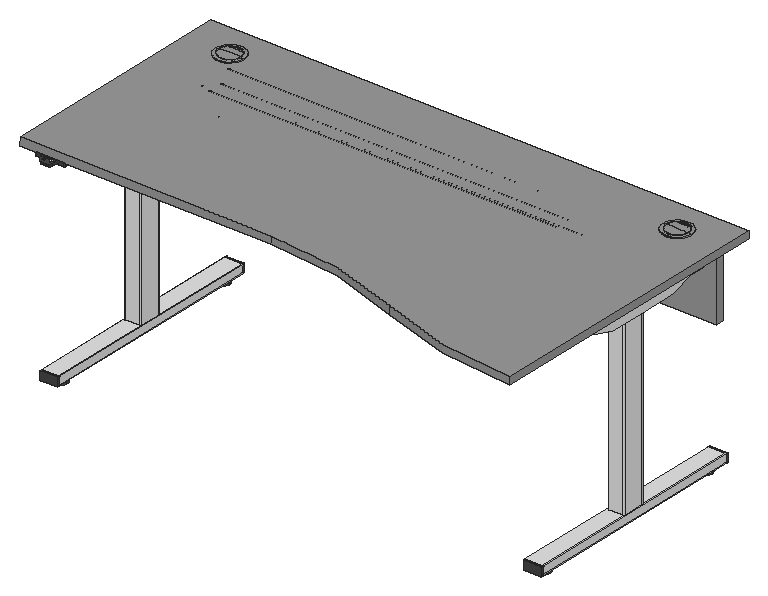
Revit family "Wave Desk with Cable Ports - RH", category Furniture, Revit 2016
Family settings
  OmniClass Number = 23.40.20.00
  OmniClass Title = General Furniture and Specialties
  Work Plane-Based = No
  Always vertical = Yes
  Cut with Voids When Loaded = No
  Shared = No
  Room Calculation Point = No
Parameters (values of type "1800 x 800 x 1000 with Modesty Panel & Cable Tray")
  Width = 1800 mm
  URL = "www.gof.co.uk"
  Type Comments = ""
  Range = "RISE LT"
  Product Code = "HDLWR18P"
  Modesty Panel Visible = yes
  Modesty Panel = "BTCPW18"
  HeightControl [instance] = if(Height < 720 mm, 720 mm, (if(Height > 1200 mm, 1200 mm, Height)))  # 727 mm
  Height [instance] = 727 mm
  Desktop = Gresham - Midnight Ash
  Model = ""
  Manufacturer = "Gresham Office Furniture"  # constant formula
  Frame = Gresham - Silver Metal
  Foot = Gresham - Black Plastic
  Cable Tray Visible = yes
  Cable Tray = "MECT18"
  Assembly Code = "E2020200"
Reference planes
  plane 1 "Center (Front/Back)": y = 0
  plane 2: z = 0
  plane 3 "Center (Left/Right)": x = 0
  plane 4: x = -900
  plane 5: x = 900
  plane 6 "Desktop Underside": z = 702
  plane 7: y = 400
  plane 8: y = -600
  plane 9 "Foot": z = 15
  plane 10: z = 727
  plane 11: x = 595.86
  plane 12: x = -595.86
  plane 13: y = -400
  plane 14: x = -850
  plane 15: x = 420
  plane 16: x = -60
Forms (mm)
  Extrusion 1, solid
    sketch origin (4.14, -302, 0) x (0, 1, 0) y (0, 0, 1)
      loop
        arc (344.5, 657) -> (346.621, 657.879) -> (347.5, 660) r 3
        line (347.5, 660) -> (347.5, 699)
        arc (347.5, 699) -> (346.621, 701.121) -> (344.5, 702) r 3
        line (344.5, 702) -> (307, 702) -> (307, 700) -> (344.5, 700)
        arc (344.5, 700) -> (345.207, 699.707) -> (345.5, 699) r 1
        line (345.5, 699) -> (345.5, 660)
        arc (345.5, 660) -> (345.207, 659.293) -> (344.5, 659) r 1
        line (344.5, 659) -> (310, 659)
        arc (310, 659) -> (309.293, 659.293) -> (309, 660) r 1
        line (309, 660) -> (309, 667) -> (307, 667) -> (307, 660)
        arc (307, 660) -> (307.879, 657.879) -> (310, 657) r 3
        line (310, 657) -> (344.5, 657)
    from -600 to 591.72
  Extrusion 2, solid, material "Gresham - Midnight Ash" <- "Desktop"
    sketch origin (0, 0, 702) x (1, 0, 0) y (0, 1, 0)
      loop
        line (-900, -400) -> (-60, -400)
        arc (-60, -400) -> (185.162, -425.223) -> (420, -500) r 1200
        arc (420, -500) -> (654.838, -574.777) -> (900, -600) r 1200
        line (900, -600) -> (900, 400) -> (-900, 400) -> (-900, -400)
    from 0 to 25
Dimensions and locks
  equal spacing: plane 4, plane 3 "Center (Left/Right)", plane 5
  "Width": plane 4 to plane 5
  locked: plane 7 to plane 8 at 1000
  locked: plane 2 to plane 9 "Foot" at 15
  "HeightControl": plane 10 to level
  plane 10 to plane 6 "Desktop Underside" = 25 mm
  locked: nested 1 to plane 5 at 60
  locked: plane 7 to nested 1 at 12
  locked: nested 2 to plane 4 at 60
  locked: Extrusion 1 sketch curve to Extrusion 1 sketch curve at 41
  locked: plane 7 to nested 2 at 12
  locked: plane 11 to plane 5 at 304.14
  locked: plane 4 to plane 12 at 304.14
  locked: plane 7 to plane 13 at 800
  equal spacing: plane 7, plane 1 "Center (Front/Back)", plane 13
  locked: nested 4 to plane 5 at 150
  locked: plane 7 to nested 4 at 110
  locked: plane 4 to nested 5 at 150
  locked: plane 7 to nested 5 at 110
  locked: plane 4 to plane 14 at 50
  locked: plane 5 to plane 15 at 480
  locked: plane 15 to plane 16 at 480
  locked: plane 4 to nested 6 at 87
  locked: plane 4 to nested 7 at 100
  locked: plane 6 "Desktop Underside" to nested 7 at 61.5
  locked: plane 7 to nested 7 at 53.5
  radius of Extrusion 2 sketch curve = 1200 mm  (x2)
  aligned and locked: level to plane 2
  aligned and locked: plane 11 to Extrusion 1
  aligned and locked: plane 12 to Extrusion 1
  aligned and locked: plane 6 "Desktop Underside" to nested 3
  aligned and locked: nested 3 to plane 13
  aligned and locked: plane 10 to nested 4
  aligned and locked: nested 5 to plane 10
  aligned and locked: nested 3 to plane 14
  aligned and locked: plane 6 "Desktop Underside" to nested 6
Automatic sketch dimensions
  Extrusion 1 sketch curve to Extrusion 1 sketch curve = 0 mm  (x6)
  Extrusion 1 sketch curve to plane 6 "Desktop Underside" = 0 mm
  Extrusion 1 sketch curve to plane 1 "Center (Front/Back)" = 5 mm  (x2)
  Extrusion 1 sketch curve to plane 6 "Desktop Underside" = 2 mm
  Extrusion 1 sketch curve to Extrusion 1 sketch curve = 1 mm  (x2)
  Extrusion 1 sketch curve to Extrusion 1 sketch curve = 37.5 mm
  Extrusion 1 sketch curve to Extrusion 1 sketch curve = 34.5 mm
  Extrusion 1 sketch curve to Extrusion 1 sketch curve = 7 mm
  Extrusion 2 sketch curve to plane 4 = 0 mm
  Extrusion 2 sketch curve to plane 13 = 0 mm
  Extrusion 2 sketch curve to plane 16 = 0 mm
  Extrusion 2 sketch curve to plane 15 = 0 mm  (x2)
  Extrusion 2 sketch curve to plane 5 = 0 mm
  Extrusion 2 sketch curve to plane 7 = 0 mm
  Extrusion 2 sketch curve to plane 8 = 0 mm
Nested families
  nested 1: "Rise LT Leg" at (5, -202, 0), Height <- "HeightControl", type "Rise LT Leg"
    with HeightControl 727 mm, Height 727 mm
  nested 2: "Rise LT Leg" at (-5, -202, 0) x (-1, 0, 0) z (0, 0, 1), Height <- "HeightControl", type "Rise LT Leg"
    with HeightControl 727 mm, Height 727 mm
  nested 3: "Controls" at (-800, -367.5, 690), type "Controls"
  nested 4: "Cable Port" at (750, 290, 727), type "Round Port"
  nested 5: "Cable Port" at (-750, 290, 727) x (-1, 0, 0) z (0, 0, 1), type "Round Port"
  nested 6: "Modesty Panel" at (0, 0, 0), type "Modesty Panel"
    with HeightControl 727 mm, Height 727 mm
  nested 7: "Cable Tray" at (0, 0, 0), Height <- "Height", type "Cable Tray"
    with HeightControl 727 mm, Height 727 mm
Definition of nested family "Rise LT Leg"
  Parameters (values of type "Rise LT Leg")
    Width = 1800 mm
    URL = "www.gof.co.uk"
    Type Comments = ""
    Range = "RISE LT"
    Product Code = ""
    Model = ""
    Manufacturer = "Gresham Office Furniture"  # constant formula
    HeightControl [instance] = if(Height < 720 mm, 720 mm, (if(Height > 1200 mm, 1200 mm, Height)))  # 727 mm
    Height [instance] = 727 mm
    Frame = none
    Foot = none
    Bung = none
    Assembly Code = "E2020200"
  Reference planes
    plane 1 "Center (Front/Back)": y = 200
    plane 2: z = 0
    plane 3 "Center (Left/Right)": x = 0
    plane 4: x = -900
    plane 5: x = 900
    plane 6 "Desktop": z = 727
    plane 7: y = 600
    plane 8: y = -200
    plane 9 "Foot": z = 15
    plane 10 "Desktop Underside": z = 702
    plane 11 "Max Height": z = 1200
    plane 12 "Max Desktop Underside": z = 1175
  Forms (mm)
    Extrusion 1, solid, material <- "Frame"
      sketch origin (0, 0, 727) x (-1, 0, 0) y (0, -1, 0)
        loop
          line (-827.511, -240) -> (-782.511, -240)
          arc (-782.511, -240) -> (-778.976, -238.536) -> (-777.511, -235) r 5
          line (-777.511, -235) -> (-777.511, -165)
          arc (-777.511, -165) -> (-778.976, -161.464) -> (-782.511, -160) r 5
          line (-782.511, -160) -> (-827.511, -160)
          arc (-827.511, -160) -> (-831.047, -161.464) -> (-832.511, -165) r 5
          line (-832.511, -165) -> (-832.511, -235)
          arc (-832.511, -235) -> (-831.047, -238.536) -> (-827.511, -240) r 5
      from -682 to -82
    Extrusion 2, solid, material <- "Frame"
      sketch origin (0, 200, 0) x (1, 0, 0) y (0, 0, 1)
        loop
          line (833, 45) -> (777, 45)
          arc (777, 45) -> (775.586, 44.414) -> (775, 43) r 2
          line (775, 43) -> (775, 17)
          arc (775, 17) -> (775.586, 15.586) -> (777, 15) r 2
          line (777, 15) -> (833, 15)
          arc (833, 15) -> (834.414, 15.586) -> (835, 17) r 2
          line (835, 17) -> (835, 43)
          arc (835, 43) -> (834.414, 44.414) -> (833, 45) r 2
      from -385 to 385
    Extrusion 3, solid, material <- "Frame"
      sketch origin (0, 200, 70) x (1, 0, 0) y (0, 0, 1)
        loop
          line (842.511, 632) -> (590.86, 632) -> (590.86, 617)
          arc (590.86, 617) -> (599.647, 595.787) -> (620.86, 587) r 30
          line (620.86, 587) -> (842.511, 587) -> (842.511, 632)
      from -47.5 to 47.5
    Extrusion 4, solid, material <- "Frame"
      sketch origin (0, 200, 70) x (1, 0, 0) y (0, 0, 1)
        loop
          line (842.511, 632) -> (842.511, 622) -> (844.511, 622) -> (844.511, 630.159) -> (860.511, 630.159) -> (860.511, 579) -> (843.693, 579) -> (843.693, 582.43) -> (841.693, 582.43) -> (841.693, 577) -> (862.511, 577) -> (862.511, 632) -> (842.511, 632)
      from -275 to 275
    Extrusion 5, void
      sketch origin (870.011, 200, 1175) x (0, 0, 1) y (0, 1, 0)
        loop
          line (-528, 0) -> (-528, 125) -> (-483, 275) -> (-473, 275) -> (-473, 333.867) -> (-576.413, 333.867) -> (-576.413, 0) -> (-576.413, -333.867) -> (-473, -333.867) -> (-473, -275) -> (-483, -275) -> (-528, -125) -> (-528, 0)
      from -29.989 to 70.011
    Extrusion 6, solid, material <- "Frame"
      sketch origin (0, 0, 727) x (-1, 0, 0) y (0, -1, 0)
        loop
          line (-827.511, -238) -> (-782.511, -238)
          arc (-782.511, -238) -> (-780.39, -237.121) -> (-779.511, -235) r 3
          line (-779.511, -235) -> (-779.511, -165)
          arc (-779.511, -165) -> (-780.39, -162.879) -> (-782.511, -162) r 3
          line (-782.511, -162) -> (-827.511, -162)
          arc (-827.511, -162) -> (-829.633, -162.879) -> (-830.511, -165) r 3
          line (-830.511, -165) -> (-830.511, -235)
          arc (-830.511, -235) -> (-829.633, -237.121) -> (-827.511, -238) r 3
      from -82 to -70
    Revolve 7, solid, material <- "Foot"
      sketch origin (0, 540, 0) x (1, 0, 0) y (0, 0, 1)
        loop
          line (804.324, 0) -> (824.324, 0) -> (814.324, 15) -> (804.324, 15) -> (804.324, 0)
        axis (804.324, 15) -> (804.324, 0)
      angle from 0 to 360
    Revolve 8, solid, material <- "Foot"
      sketch origin (0, -140, 0) x (1, 0, 0) y (0, 0, -1)
        loop
          line (804.324, 0) -> (804.324, -15) -> (814.324, -15) -> (824.324, 0) -> (804.324, 0)
        axis (804.324, -15) -> (804.324, 0)
      angle from 0 to 360
    Extrusion 9, solid, material <- "Bung"
      sketch origin (0, 201.489, 0) x (1, 0, 0) y (0, 0, 1)
        loop
          line (833, 45) -> (777, 45)
          arc (777, 45) -> (775.586, 44.414) -> (775, 43) r 2
          line (775, 43) -> (775, 17)
          arc (775, 17) -> (775.586, 15.586) -> (777, 15) r 2
          line (777, 15) -> (833, 15)
          arc (833, 15) -> (834.414, 15.586) -> (835, 17) r 2
          line (835, 17) -> (835, 43)
          arc (835, 43) -> (834.414, 44.414) -> (833, 45) r 2
      from 386.489 to 391.489
    Extrusion 10, solid, material <- "Bung"
      sketch origin (0, 198.511, 0) x (1, 0, 0) y (0, 0, -1)
        loop
          arc (833, -45) -> (834.414, -44.414) -> (835, -43) r 2
          line (835, -43) -> (835, -17)
          arc (835, -17) -> (834.414, -15.586) -> (833, -15) r 2
          line (833, -15) -> (777, -15)
          arc (777, -15) -> (775.586, -15.586) -> (775, -17) r 2
          line (775, -17) -> (775, -43)
          arc (775, -43) -> (775.586, -44.414) -> (777, -45) r 2
          line (777, -45) -> (833, -45)
      from 386.489 to 391.489
  Cuts and joins
    Extrusion 5 cuts Extrusion 4
  Dimensions and locks
    equal spacing: plane 4, plane 3 "Center (Left/Right)", plane 5
    "Width": plane 4 to plane 5
    equal spacing: plane 7, plane 1 "Center (Front/Back)", plane 8
    locked: plane 7 to plane 8 at 800
    locked: plane 9 "Foot" to level at 15
    locked: plane 6 "Desktop" to plane 10 "Desktop Underside" at 25
    locked: plane 5 to Extrusion 2 at 65
    Extrusion 3 to Extrusion 3 = 95 mm
    plane 1 "Center (Front/Back)" to Extrusion 4 = 275 mm
    equal spacing: Extrusion 4, plane 1 "Center (Front/Back)", Extrusion 4
    plane 11 "Max Height" to level = 1200 mm
    locked: Extrusion 3 sketch curve to Extrusion 3 sketch curve at 45
    locked: Extrusion 5 sketch curve to Extrusion 5 sketch curve at 103.413
    "HeightControl": plane 6 "Desktop" to level
    locked: Extrusion 1 to level at 645
    locked: Extrusion 2 to Extrusion 2 at 30
    Extrusion 2 to Revolve 7 = 45 mm
    locked: Extrusion 9 to Extrusion 9 at 5
    locked: Extrusion 5 to plane 5 at 100
    locked: Extrusion 10 to Extrusion 10 at 5
    plane 9 "Foot" to level = 15 mm
    Revolve 8 to Extrusion 9 = 45 mm
    locked: Extrusion 3 to plane 5 at 309.14
    aligned and locked: level to plane 2
    aligned and locked: Extrusion 6 to Extrusion 3
    aligned and locked: Extrusion 6 to Extrusion 1
    aligned and locked: Extrusion 2 to plane 9 "Foot"
    aligned and locked: Extrusion 1 to Extrusion 2
    aligned and locked: Extrusion 2 to Extrusion 9
    aligned and locked: Extrusion 5 to plane 5
    aligned and locked: Extrusion 2 to Extrusion 10
  Automatic sketch dimensions
    plane 1 "Center (Front/Back)" to Extrusion 1 sketch curve = 35 mm
    plane 5 to Extrusion 1 sketch curve = 67.489 mm
    Extrusion 1 sketch curve to Extrusion 1 sketch curve = 5 mm  (x3)
    Extrusion 1 sketch curve to Extrusion 1 sketch curve = 45 mm  (x2)
    Extrusion 1 sketch curve to plane 1 "Center (Front/Back)" = 35 mm
    Extrusion 2 sketch curve to plane 9 "Foot" = 0 mm
    plane 9 "Foot" to Extrusion 2 sketch curve = 2 mm  (x2)
    plane 5 to Extrusion 2 sketch curve = 125 mm
    Extrusion 2 sketch curve to Extrusion 2 sketch curve = 2 mm
    Extrusion 2 sketch curve to Extrusion 2 sketch curve = 56 mm
    Extrusion 2 sketch curve to Extrusion 2 sketch curve = 0 mm
    Extrusion 2 sketch curve to Extrusion 2 sketch curve = 26 mm
    Extrusion 3 sketch curve to plane 10 "Desktop Underside" = 0 mm
    plane 3 "Center (Left/Right)" to Extrusion 3 sketch curve = 590.86 mm
    Extrusion 3 sketch curve to Extrusion 3 sketch curve = 30 mm
    plane 5 to Extrusion 3 sketch curve = 57.489 mm
    Extrusion 4 sketch curve to plane 10 "Desktop Underside" = 0 mm
    plane 5 to Extrusion 4 sketch curve = 58.307 mm
    Extrusion 4 sketch curve to plane 10 "Desktop Underside" = 10 mm
    Extrusion 4 sketch curve to Extrusion 4 sketch curve = 0.819 mm
    Extrusion 4 sketch curve to Extrusion 4 sketch curve = 2 mm  (x4)
    Extrusion 4 sketch curve to plane 10 "Desktop Underside" = 1.841 mm
    Extrusion 4 sketch curve to Extrusion 4 sketch curve = 16 mm
    Extrusion 4 sketch curve to Extrusion 4 sketch curve = 39.57 mm
    Extrusion 4 sketch curve to Extrusion 4 sketch curve = 3.43 mm
    Extrusion 5 sketch curve to plane 1 "Center (Front/Back)" = 0 mm  (x2)
    Extrusion 5 sketch curve to plane 10 "Desktop Underside" = 0 mm  (x2)
    Extrusion 5 sketch curve to plane 10 "Desktop Underside" = 55 mm
    Extrusion 5 sketch curve to plane 10 "Desktop Underside" = 10 mm  (x2)
    Extrusion 5 sketch curve to Extrusion 5 sketch curve = 125 mm
    plane 8 to Extrusion 5 sketch curve = 125 mm
    Extrusion 5 sketch curve to Extrusion 5 sketch curve = 58.867 mm
    Extrusion 5 sketch curve to plane 1 "Center (Front/Back)" = 125 mm
    Extrusion 5 sketch curve to plane 7 = 125 mm
    Extrusion 5 sketch curve to plane 7 = 66.133 mm
    plane 1 "Center (Front/Back)" to Extrusion 6 sketch curve = 35 mm
    plane 5 to Extrusion 6 sketch curve = 69.489 mm
    Extrusion 6 sketch curve to Extrusion 6 sketch curve = 3 mm  (x3)
    Extrusion 6 sketch curve to Extrusion 6 sketch curve = 45 mm  (x2)
    Extrusion 6 sketch curve to plane 1 "Center (Front/Back)" = 35 mm
    Revolve 7 sketch curve to level = 0 mm
    Revolve 7 sketch curve to plane 9 "Foot" = 0 mm  (x2)
    plane 5 to Revolve 7 sketch curve = 95.676 mm
    Revolve 7 sketch curve to Revolve 7 sketch curve = 10 mm  (x2)
    Revolve 7 sketch curve to Revolve 7 sketch curve = 0 mm
    Revolve 7 sketch curve to Revolve 7 sketch curve = 11.548 mm
    Revolve 8 sketch curve to level = 0 mm
    Revolve 8 sketch curve to plane 9 "Foot" = 0 mm  (x2)
    plane 5 to Revolve 8 sketch curve = 95.676 mm
    Revolve 8 sketch curve to Revolve 8 sketch curve = 10 mm  (x2)
    Revolve 8 sketch curve to Revolve 8 sketch curve = 0 mm
    Revolve 8 sketch curve to Revolve 8 sketch curve = 11.548 mm
    Extrusion 9 sketch curve to plane 9 "Foot" = 0 mm
    plane 9 "Foot" to Extrusion 9 sketch curve = 28 mm
    plane 5 to Extrusion 9 sketch curve = 125 mm
    Extrusion 9 sketch curve to Extrusion 9 sketch curve = 2 mm  (x3)
    Extrusion 9 sketch curve to Extrusion 9 sketch curve = 56 mm
    Extrusion 9 sketch curve to Extrusion 9 sketch curve = 0 mm
    Extrusion 10 sketch curve to plane 9 "Foot" = 0 mm
    plane 9 "Foot" to Extrusion 10 sketch curve = 28 mm
    plane 5 to Extrusion 10 sketch curve = 125 mm
    Extrusion 10 sketch curve to Extrusion 10 sketch curve = 2 mm  (x3)
    Extrusion 10 sketch curve to Extrusion 10 sketch curve = 56 mm
    Extrusion 10 sketch curve to Extrusion 10 sketch curve = 0 mm
Definition of nested family "Controls"
  Parameters (values of type "Controls")
    URL = "www.gof.co.uk"
    Rubber Keys = none
    Range = "RANGE LT"
    Product Code = "Controls"
    Plastic Case = none
    Manufacturer = "Gresham Office Furniture"  # constant formula
  Reference planes
    plane 1 "Center (Front/Back)": y = 0
    plane 2: z = 0
    plane 3 "Center (Left/Right)": x = 0
  Forms (mm)
    Extrusion 1, solid, material <- "Plastic Case"
      sketch origin (0, 0, 0) x (1, 0, 0) y (0, 1, 0)
        loop
          arc (-45, 32.5) -> (-48.536, 31.036) -> (-50, 27.5) r 5
          line (-50, 27.5) -> (-50, -27.5)
          arc (-50, -27.5) -> (-48.536, -31.036) -> (-45, -32.5) r 5
          line (-45, -32.5) -> (45, -32.5)
          arc (45, -32.5) -> (48.536, -31.036) -> (50, -27.5) r 5
          line (50, -27.5) -> (50, 27.5)
          arc (50, 27.5) -> (48.536, 31.036) -> (45, 32.5) r 5
          line (45, 32.5) -> (-45, 32.5)
      from 0 to 12
    Sweep 2, solid, material <- "Plastic Case"
      path origin (0, 0, 2) x (0, 1, 0) y (0, 0, 1)
        loop
          line (-32.5, 6) -> (-36.392, 6)
          arc (-36.392, 6) -> (-37.474, 5.881) -> (-38.505, 5.532) r 5
          line (-38.505, 5.532) -> (-55.626, -2.452)
      profile origin (0, -34.446, 8) x (0, 0, -1) y (1, 0, 0)
        loop
          line (-4, 30) -> (-4, -30) -> (4, -30) -> (4, 30) -> (-4, 30)
    Extrusion 3, void
      sketch origin (-30, -40.195, 11.157) x (0, -0.906308, -0.422618) y (1, 0, 0)
        loop
          line (18.892, 75) -> (-7.33, 75) -> (-7.33, 60) -> (10.178, 50.091)
          arc (10.178, 50.091) -> (14.833, 46.912) -> (18.892, 43) r 33.579
          line (18.892, 43) -> (18.892, 75)
      from -13.674 to 7.77
    Extrusion 4, void
      sketch origin (30, -40.195, 11.157) x (0, -0.906308, -0.422618) y (1, 0, 0)
        loop
          line (18.892, -75) -> (18.892, -43)
          arc (18.892, -43) -> (14.833, -46.912) -> (10.178, -50.091) r 33.579
          line (10.178, -50.091) -> (-7.33, -60) -> (-7.33, -75) -> (18.892, -75)
      from -13.674 to 7.77
    Extrusion 5, solid, material <- "Rubber Keys"
      sketch origin (-30, -40.195, 11.157) x (0, -0.906308, -0.422618) y (1, 0, 0)
        loop
          line (0.281, 19.363) -> (8.531, 14.6) -> (8.531, 24.126) -> (0.281, 19.363)
        loop
          line (0.656, 35.874) -> (8.906, 40.637) -> (0.656, 45.4) -> (0.656, 35.874)
      from 0 to 1.5
  Cuts and joins
    Extrusion 3, Extrusion 4 cuts Sweep 2
  Dimensions and locks
    aligned and locked: level to plane 2
Definition of nested family "Cable Port"
  Parameters (values of type "Round Port")
    URL = "www.gof.co.uk"
    Range = "Round Cable Port"
    Product Code = "80mm Round Port"
    Round Cable Port = none
    Manufacturer = "Gresham Office Furniture"  # constant formula
  Reference planes
    plane 1 "Center (Front/Back)": y = 0
    plane 2: z = 0
    plane 3 "Center (Left/Right)": x = 0
  Forms (mm)
    Revolve 1, solid, material <- "Round Cable Port"
      sketch origin (0, 0, 0) x (1, 0, 0) y (0, 0, 1)
        loop
          line (0, 0) -> (47.5, 0) -> (47.5, 1)
          arc (47.5, 1) -> (42.507, 1.801) -> (37.5, 2.514) r 284.031
          line (37.5, 2.514) -> (37.5, 1.257) -> (36.5, 1.257) -> (36.5, 2.645)
          arc (36.5, 2.645) -> (18.288, 4.411) -> (0, 5) r 284.031
          line (0, 5) -> (0, 0)
        axis (0, 5) -> (0, 0)
      angle from 0 to 360
    Extrusion 2, void
      sketch origin (0, 0, 0) x (1, 0, 0) y (0, 1, 0)
        loop
          arc (-27.582, 25.406) -> (0, 21.5) -> (27.582, 25.406) r 99.34
          arc (27.582, 25.406) -> (0, 37.5) -> (-27.582, 25.406) r 37.5
      from -2.617 to 7.057
    Extrusion 3, solid, material <- "Round Cable Port"
      sketch origin (0, 0, 0) x (1, 0, 0) y (0, 1, 0)
        loop
          arc (27.582, 25.406) -> (0, 37.5) -> (-27.582, 25.406) r 37.5
          arc (-27.582, 25.406) -> (0, 21.5) -> (27.582, 25.406) r 99.34
      from 0 to 1
  Cuts and joins
    Extrusion 2 cuts Revolve 1
  Dimensions and locks
    aligned and locked: level to plane 2
Definition of nested family "Modesty Panel"
  Parameters (values of type "Modesty Panel")
    Width = 1800 mm
    URL = "www.gof.co.uk"
    Type Comments = ""
    Range = "RISE LT"
    Product Code = ""
    Modesty Panel Visible = yes
    Modesty Panel = none
    HeightControl [instance] = if(Height < 720 mm, 720 mm, (if(Height > 1200 mm, 1200 mm, Height)))  # 727 mm
    Height [instance] = 727 mm
    Desktop = none
    Model = ""
    Manufacturer = "Gresham Office Furniture"  # constant formula
    Frame = none
    Foot = none
    Assembly Code = "E2020200"
  Reference planes
    plane 1 "Center (Front/Back)": y = 0
    plane 2: z = 0
    plane 3 "Center (Left/Right)": x = 0
    plane 4: x = -900
    plane 5: x = 900
    plane 6 "Desktop Underside": z = 702
    plane 7: y = 400
    plane 8: y = -400
    plane 9 "Foot": z = 15
    plane 10: z = 727
    plane 11 "Modesty Panel": x = -593
    plane 12: x = 593
    plane 13: z = 425
    plane 14: z = 677
    plane 15: y = 375
    plane 16: x = 568
    plane 17: x = -568
    plane 18: x = -813
    plane 19: x = 813
  Forms (mm)
    Extrusion 1, solid, material <- "Frame", visible <- "Modesty Panel Visible"
      sketch origin (-593, 43.228, 0) x (0, 1, 0) y (0, 0, 1)
        loop
          line (161.772, 702) -> (161.772, 677) -> (306.772, 677) -> (306.772, 432) -> (331.772, 432) -> (331.772, 702) -> (161.772, 702)
      from 0 to 25
    Extrusion 2, solid, material <- "Frame", visible <- "Modesty Panel Visible"
      sketch origin (593, 43.228, 0) x (0, 1, 0) y (0, 0, -1)
        loop
          line (161.772, -702) -> (331.772, -702) -> (331.772, -432) -> (306.772, -432) -> (306.772, -677) -> (161.772, -677) -> (161.772, -702)
      from 0 to 25
    Extrusion 3, solid, material <- "Modesty Panel", visible <- "Modesty Panel Visible"
      sketch origin (0, 0, 0) x (0, 1, 0) y (0, 0, 1)
        loop
          line (375, 677) -> (375, 425) -> (400, 425) -> (400, 677) -> (375, 677)
      from -813 to 813
  Dimensions and locks
    equal spacing: plane 4, plane 3 "Center (Left/Right)", plane 5
    "Width": plane 4 to plane 5
    equal spacing: plane 7, plane 1 "Center (Front/Back)", plane 8
    locked: plane 7 to plane 8 at 800
    locked: plane 2 to plane 9 "Foot" at 15
    "HeightControl": plane 10 to level
    locked: plane 10 to plane 6 "Desktop Underside" at 25
    locked: Extrusion 1 sketch curve to Extrusion 1 sketch curve at 170
    locked: Extrusion 1 sketch curve to Extrusion 1 sketch curve at 25  (x2)
    locked: Extrusion 1 sketch curve to Extrusion 1 sketch curve at 270
    locked: Extrusion 1 to Extrusion 1 at 25
    locked: plane 7 to Extrusion 1 at 25
    locked: plane 11 "Modesty Panel" to plane 4 at 307
    locked: plane 12 to plane 5 at 307
    locked: Extrusion 2 sketch curve to Extrusion 2 sketch curve at 170
    locked: Extrusion 2 sketch curve to Extrusion 2 sketch curve at 25  (x2)
    locked: Extrusion 2 sketch curve to Extrusion 2 sketch curve at 270
    locked: Extrusion 2 to Extrusion 2 at 25
    locked: Extrusion 1 to plane 13 at 7
    locked: plane 6 "Desktop Underside" to plane 14 at 25
    locked: plane 7 to plane 15 at 25
    locked: plane 16 to plane 12 at 25
    locked: plane 17 to plane 11 "Modesty Panel" at 25
    locked: plane 13 to plane 14 at 252
    locked: plane 4 to plane 18 at 87
    locked: plane 19 to plane 5 at 87
    aligned and locked: level to plane 2
    aligned and locked: plane 6 "Desktop Underside" to Extrusion 1
    aligned and locked: Extrusion 1 to plane 11 "Modesty Panel"
    aligned and locked: Extrusion 2 to plane 12
    aligned and locked: Extrusion 3 to plane 14
    aligned and locked: Extrusion 3 to plane 13
    aligned and locked: Extrusion 3 to plane 18
    aligned and locked: Extrusion 3 to plane 19
  Automatic sketch dimensions
    Extrusion 1 sketch curve to plane 6 "Desktop Underside" = 0 mm
    Extrusion 1 sketch curve to plane 7 = 195 mm
    Extrusion 2 sketch curve to plane 6 "Desktop Underside" = 0 mm
    Extrusion 2 sketch curve to plane 7 = 195 mm
    Extrusion 3 sketch curve to plane 13 = 0 mm
    Extrusion 3 sketch curve to plane 15 = 0 mm
    Extrusion 3 sketch curve to plane 7 = 0 mm
    plane 14 to Extrusion 3 sketch curve = 0 mm
Definition of nested family "Cable Tray"
  Parameters (values of type "Cable Tray")
    Width = 1800 mm
    URL = "www.gof.co.uk"
    Type Comments = ""
    Range = "RISE LT"
    Product Code = ""
    Modesty Panel = none
    HeightControl [instance] = if(Height < 720 mm, 720 mm, (if(Height > 1200 mm, 1200 mm, Height)))  # 727 mm
    Height [instance] = 727 mm
    Desktop = none
    Model = ""
    Manufacturer = "Gresham Office Furniture"  # constant formula
    Frame = none
    Foot = none
    Cable Tray Clips = none
    Cable Tray = yes
    Assembly Code = "E2020200"
  Reference planes
    plane 1 "Center (Front/Back)": y = 0
    plane 2: z = 0
    plane 3 "Center (Left/Right)": x = 0
    plane 4: x = -900
    plane 5: x = 900
    plane 6 "Desktop Underside": z = 702
    plane 7: y = 400
    plane 8: y = -400
    plane 9 "Foot": z = 15
    plane 10: z = 727
    plane 11 "Cable Tray Left": x = -800
    plane 12 "Cable Tray Right": x = 800
  Forms (mm)
    Extrusion 1, solid, material <- "Frame", visible <- "Cable Tray"
      sketch origin (0, 12.089, -4.885) x (0, 1, 0) y (0, 0, 1)
        loop
          circle (301.911, 615.385) r 1.5
        loop
          circle (251.911, 615.385) r 1.5
        loop
          circle (220.911, 645.385) r 1.5
        loop
          circle (332.911, 645.385) r 1.5
      from -800 to 800
    Sweep 2, solid, material <- "Frame", visible <- "Cable Tray"
      path in 3D
        loop
          line (0, 341.76, 640.5) -> (0, 333.661, 615.573)
          arc (0, 333.661, 615.573) -> (0, 332.571, 614.073) -> (0, 330.808, 613.5) r 3
          line (0, 330.808, 613.5) -> (0, 247.192, 613.5)
          arc (0, 247.192, 613.5) -> (0, 245.429, 614.073) -> (0, 244.339, 615.573) r 3
          line (0, 244.339, 615.573) -> (0, 236.24, 640.5)
      profile origin (0, 289, 613.5) x (0, 0, 1) y (-1, 0, 0)
        loop
          circle (0, 0) r 1.5
    Sweep 3, solid, material <- "Frame", visible <- "Cable Tray", not visible
      path in 3D
        loop
          line (0, 329.671, 645.385) -> (0, 321.572, 620.458)
          arc (0, 321.572, 620.458) -> (0, 320.482, 618.958) -> (0, 318.719, 618.385) r 3
          line (0, 318.719, 618.385) -> (0, 235.103, 618.385)
          arc (0, 235.103, 618.385) -> (0, 233.34, 618.958) -> (0, 232.25, 620.458) r 3
          line (0, 232.25, 620.458) -> (0, 224.151, 645.385)
      profile origin (0, 276.911, 618.385) x (0, 0, 1) y (-1, 0, 0)
        loop
          circle (0, 0) r 1.5
    Sweep 4, solid, material <- "Frame", visible <- "Cable Tray"
      path in 3D
        loop
          line (800, 342.073, 640.5) -> (800, 333.974, 615.573)
          arc (800, 333.974, 615.573) -> (800, 332.884, 614.073) -> (800, 331.121, 613.5) r 3
          line (800, 331.121, 613.5) -> (800, 247.505, 613.5)
          arc (800, 247.505, 613.5) -> (800, 245.742, 614.073) -> (800, 244.652, 615.573) r 3
          line (800, 244.652, 615.573) -> (800, 236.553, 640.5)
      profile origin (800, 289.313, 613.5) x (0, 0, 1) y (-1, 0, 0)
        loop
          circle (0, 0) r 1.5
    Sweep 5, solid, material <- "Frame", visible <- "Cable Tray"
      path in 3D
        loop
          line (-800, 342.073, 640.5) -> (-800, 333.974, 615.573)
          arc (-800, 333.974, 615.573) -> (-800, 332.884, 614.073) -> (-800, 331.121, 613.5) r 3
          line (-800, 331.121, 613.5) -> (-800, 247.505, 613.5)
          arc (-800, 247.505, 613.5) -> (-800, 245.742, 614.073) -> (-800, 244.652, 615.573) r 3
          line (-800, 244.652, 615.573) -> (-800, 236.553, 640.5)
      profile origin (-800, 289.313, 613.5) x (0, 0, 1) y (-1, 0, 0)
        loop
          circle (0, 0) r 1.5
    Sweep 6, solid, material <- "Frame", visible <- "Cable Tray"
      path in 3D
        loop
          line (100, 341.76, 640.5) -> (100, 333.661, 615.573)
          arc (100, 333.661, 615.573) -> (100, 332.571, 614.073) -> (100, 330.808, 613.5) r 3
          line (100, 330.808, 613.5) -> (100, 247.192, 613.5)
          arc (100, 247.192, 613.5) -> (100, 245.429, 614.073) -> (100, 244.339, 615.573) r 3
          line (100, 244.339, 615.573) -> (100, 236.24, 640.5)
      profile origin (100, 289, 613.5) x (0, 0, 1) y (-1, 0, 0)
        loop
          circle (0, 0) r 1.5
    Sweep 7, solid, material <- "Frame", visible <- "Cable Tray"
      path in 3D
        loop
          line (300, 341.76, 640.5) -> (300, 333.661, 615.573)
          arc (300, 333.661, 615.573) -> (300, 332.571, 614.073) -> (300, 330.808, 613.5) r 3
          line (300, 330.808, 613.5) -> (300, 247.192, 613.5)
          arc (300, 247.192, 613.5) -> (300, 245.429, 614.073) -> (300, 244.339, 615.573) r 3
          line (300, 244.339, 615.573) -> (300, 236.24, 640.5)
      profile origin (300, 289, 613.5) x (0, 0, 1) y (-1, 0, 0)
        loop
          circle (0, 0) r 1.5
    Sweep 8, solid, material <- "Frame", visible <- "Cable Tray"
      path in 3D
        loop
          line (400, 341.76, 640.5) -> (400, 333.661, 615.573)
          arc (400, 333.661, 615.573) -> (400, 332.571, 614.073) -> (400, 330.808, 613.5) r 3
          line (400, 330.808, 613.5) -> (400, 247.192, 613.5)
          arc (400, 247.192, 613.5) -> (400, 245.429, 614.073) -> (400, 244.339, 615.573) r 3
          line (400, 244.339, 615.573) -> (400, 236.24, 640.5)
      profile origin (400, 289, 613.5) x (0, 0, 1) y (-1, 0, 0)
        loop
          circle (0, 0) r 1.5
    Sweep 9, solid, material <- "Frame", visible <- "Cable Tray"
      path in 3D
        loop
          line (500, 341.76, 640.5) -> (500, 333.661, 615.573)
          arc (500, 333.661, 615.573) -> (500, 332.571, 614.073) -> (500, 330.808, 613.5) r 3
          line (500, 330.808, 613.5) -> (500, 247.192, 613.5)
          arc (500, 247.192, 613.5) -> (500, 245.429, 614.073) -> (500, 244.339, 615.573) r 3
          line (500, 244.339, 615.573) -> (500, 236.24, 640.5)
      profile origin (500, 289, 613.5) x (0, 0, 1) y (-1, 0, 0)
        loop
          circle (0, 0) r 1.5
    Sweep 10, solid, material <- "Frame", visible <- "Cable Tray"
      path in 3D
        loop
          line (600, 341.76, 640.5) -> (600, 333.661, 615.573)
          arc (600, 333.661, 615.573) -> (600, 332.571, 614.073) -> (600, 330.808, 613.5) r 3
          line (600, 330.808, 613.5) -> (600, 247.192, 613.5)
          arc (600, 247.192, 613.5) -> (600, 245.429, 614.073) -> (600, 244.339, 615.573) r 3
          line (600, 244.339, 615.573) -> (600, 236.24, 640.5)
      profile origin (600, 289, 613.5) x (0, 0, 1) y (-1, 0, 0)
        loop
          circle (0, 0) r 1.5
    Sweep 11, solid, material <- "Frame", visible <- "Cable Tray"
      path in 3D
        loop
          line (700, 341.76, 640.5) -> (700, 333.661, 615.573)
          arc (700, 333.661, 615.573) -> (700, 332.571, 614.073) -> (700, 330.808, 613.5) r 3
          line (700, 330.808, 613.5) -> (700, 247.192, 613.5)
          arc (700, 247.192, 613.5) -> (700, 245.429, 614.073) -> (700, 244.339, 615.573) r 3
          line (700, 244.339, 615.573) -> (700, 236.24, 640.5)
      profile origin (700, 289, 613.5) x (0, 0, 1) y (-1, 0, 0)
        loop
          circle (0, 0) r 1.5
    Sweep 12, solid, material <- "Frame", visible <- "Cable Tray"
      path in 3D
        loop
          line (200, 341.76, 640.5) -> (200, 333.661, 615.573)
          arc (200, 333.661, 615.573) -> (200, 332.571, 614.073) -> (200, 330.808, 613.5) r 3
          line (200, 330.808, 613.5) -> (200, 247.192, 613.5)
          arc (200, 247.192, 613.5) -> (200, 245.429, 614.073) -> (200, 244.339, 615.573) r 3
          line (200, 244.339, 615.573) -> (200, 236.24, 640.5)
      profile origin (200, 289, 613.5) x (0, 0, 1) y (-1, 0, 0)
        loop
          circle (0, 0) r 1.5
    Sweep 13, solid, material <- "Frame", visible <- "Cable Tray"
      path in 3D
        loop
          line (-100, 341.76, 640.5) -> (-100, 333.661, 615.573)
          arc (-100, 333.661, 615.573) -> (-100, 332.571, 614.073) -> (-100, 330.808, 613.5) r 3
          line (-100, 330.808, 613.5) -> (-100, 247.192, 613.5)
          arc (-100, 247.192, 613.5) -> (-100, 245.429, 614.073) -> (-100, 244.339, 615.573) r 3
          line (-100, 244.339, 615.573) -> (-100, 236.24, 640.5)
      profile origin (-100, 289, 613.5) x (0, 0, 1) y (-1, 0, 0)
        loop
          circle (0, 0) r 1.5
    Sweep 14, solid, material <- "Frame", visible <- "Cable Tray"
      path in 3D
        loop
          line (-300, 341.76, 640.5) -> (-300, 333.661, 615.573)
          arc (-300, 333.661, 615.573) -> (-300, 332.571, 614.073) -> (-300, 330.808, 613.5) r 3
          line (-300, 330.808, 613.5) -> (-300, 247.192, 613.5)
          arc (-300, 247.192, 613.5) -> (-300, 245.429, 614.073) -> (-300, 244.339, 615.573) r 3
          line (-300, 244.339, 615.573) -> (-300, 236.24, 640.5)
      profile origin (-300, 289, 613.5) x (0, 0, 1) y (-1, 0, 0)
        loop
          circle (0, 0) r 1.5
    Sweep 15, solid, material <- "Frame", visible <- "Cable Tray"
      path in 3D
        loop
          line (-400, 341.76, 640.5) -> (-400, 333.661, 615.573)
          arc (-400, 333.661, 615.573) -> (-400, 332.571, 614.073) -> (-400, 330.808, 613.5) r 3
          line (-400, 330.808, 613.5) -> (-400, 247.192, 613.5)
          arc (-400, 247.192, 613.5) -> (-400, 245.429, 614.073) -> (-400, 244.339, 615.573) r 3
          line (-400, 244.339, 615.573) -> (-400, 236.24, 640.5)
      profile origin (-400, 289, 613.5) x (0, 0, 1) y (-1, 0, 0)
        loop
          circle (0, 0) r 1.5
    Sweep 16, solid, material <- "Frame", visible <- "Cable Tray"
      path in 3D
        loop
          line (-500, 341.76, 640.5) -> (-500, 333.661, 615.573)
          arc (-500, 333.661, 615.573) -> (-500, 332.571, 614.073) -> (-500, 330.808, 613.5) r 3
          line (-500, 330.808, 613.5) -> (-500, 247.192, 613.5)
          arc (-500, 247.192, 613.5) -> (-500, 245.429, 614.073) -> (-500, 244.339, 615.573) r 3
          line (-500, 244.339, 615.573) -> (-500, 236.24, 640.5)
      profile origin (-500, 289, 613.5) x (0, 0, 1) y (-1, 0, 0)
        loop
          circle (0, 0) r 1.5
    Sweep 17, solid, material <- "Frame", visible <- "Cable Tray"
      path in 3D
        loop
          line (-600, 341.76, 640.5) -> (-600, 333.661, 615.573)
          arc (-600, 333.661, 615.573) -> (-600, 332.571, 614.073) -> (-600, 330.808, 613.5) r 3
          line (-600, 330.808, 613.5) -> (-600, 247.192, 613.5)
          arc (-600, 247.192, 613.5) -> (-600, 245.429, 614.073) -> (-600, 244.339, 615.573) r 3
          line (-600, 244.339, 615.573) -> (-600, 236.24, 640.5)
      profile origin (-600, 289, 613.5) x (0, 0, 1) y (-1, 0, 0)
        loop
          circle (0, 0) r 1.5
    Sweep 18, solid, material <- "Frame", visible <- "Cable Tray"
      path in 3D
        loop
          line (-700, 341.76, 640.5) -> (-700, 333.661, 615.573)
          arc (-700, 333.661, 615.573) -> (-700, 332.571, 614.073) -> (-700, 330.808, 613.5) r 3
          line (-700, 330.808, 613.5) -> (-700, 247.192, 613.5)
          arc (-700, 247.192, 613.5) -> (-700, 245.429, 614.073) -> (-700, 244.339, 615.573) r 3
          line (-700, 244.339, 615.573) -> (-700, 236.24, 640.5)
      profile origin (-700, 289, 613.5) x (0, 0, 1) y (-1, 0, 0)
        loop
          circle (0, 0) r 1.5
    Sweep 19, solid, material <- "Frame", visible <- "Cable Tray"
      path in 3D
        loop
          line (-200, 341.76, 640.5) -> (-200, 333.661, 615.573)
          arc (-200, 333.661, 615.573) -> (-200, 332.571, 614.073) -> (-200, 330.808, 613.5) r 3
          line (-200, 330.808, 613.5) -> (-200, 247.192, 613.5)
          arc (-200, 247.192, 613.5) -> (-200, 245.429, 614.073) -> (-200, 244.339, 615.573) r 3
          line (-200, 244.339, 615.573) -> (-200, 236.24, 640.5)
      profile origin (-200, 289, 613.5) x (0, 0, 1) y (-1, 0, 0)
        loop
          circle (0, 0) r 1.5
    Extrusion 20, solid, material <- "Cable Tray Clips", visible <- "Cable Tray"
      sketch origin (615, 0, 0) x (0, 1, 0) y (0, 0, 1)
        loop
          arc (346.5, 640.5) -> (345, 639) -> (343.5, 640.5) r 1.5
          line (343.5, 640.5) -> (343.5, 645.926) -> (340.5, 645.926) -> (340.5, 640.5)
          arc (340.5, 640.5) -> (345, 636) -> (349.5, 640.5) r 4.5
          line (349.5, 640.5) -> (349.5, 677.5)
          arc (349.5, 677.5) -> (348.692, 680.415) -> (346.5, 682.5) r 5.667
          arc (346.5, 682.5) -> (322.774, 690.464) -> (297.984, 693.899) r 134.615
          line (297.984, 693.899) -> (297.984, 697) -> (303.984, 697) -> (303.984, 702) -> (279.984, 702) -> (279.984, 697) -> (285.984, 697) -> (285.984, 693.899)
          arc (285.984, 693.899) -> (261.193, 690.464) -> (237.467, 682.5) r 134.615
          arc (237.467, 682.5) -> (235.275, 680.415) -> (234.435, 677.5) r 5.667
          line (234.435, 677.5) -> (234.435, 670.5)
          arc (234.435, 670.5) -> (232.935, 669) -> (231.435, 670.5) r 1.5
          line (231.435, 670.5) -> (231.435, 675.5) -> (228.435, 675.5) -> (228.435, 670.5)
          arc (228.435, 670.5) -> (230.365, 666.806) -> (234.5, 666.281) r 4.5
          line (234.5, 666.281) -> (234.5, 640.5)
          arc (234.5, 640.5) -> (233, 639) -> (231.5, 640.5) r 1.5
          line (231.5, 640.5) -> (231.5, 645.5) -> (228.5, 645.5) -> (228.5, 640.5)
          arc (228.5, 640.5) -> (233, 636) -> (237.5, 640.5) r 4.5
          line (237.5, 640.5) -> (237.5, 677.793)
          arc (237.5, 677.793) -> (237.882, 679.174) -> (238.92, 680.161) r 2.683
          arc (238.92, 680.161) -> (291.984, 691.033) -> (345.047, 680.161) r 134.926
          arc (345.047, 680.161) -> (346.085, 679.174) -> (346.467, 677.793) r 2.683
          line (346.467, 677.793) -> (346.467, 670.5)
          arc (346.467, 670.5) -> (344.951, 668.984) -> (343.435, 670.5) r 1.516
          line (343.435, 670.5) -> (343.435, 675.5) -> (340.435, 675.5) -> (340.435, 670.5)
          arc (340.435, 670.5) -> (342.365, 666.806) -> (346.5, 666.281) r 4.5
          line (346.5, 666.281) -> (346.5, 640.5)
      from 0 to 25
    Extrusion 21, solid, material <- "Cable Tray Clips", visible <- "Cable Tray"
      sketch origin (-615, 0, 0) x (0, 1, 0) y (0, 0, -1)
        loop
          line (346.5, -640.5) -> (346.5, -666.281)
          arc (346.5, -666.281) -> (342.365, -666.806) -> (340.435, -670.5) r 4.5
          line (340.435, -670.5) -> (340.435, -675.5) -> (343.435, -675.5) -> (343.435, -670.5)
          arc (343.435, -670.5) -> (344.951, -668.984) -> (346.467, -670.5) r 1.516
          line (346.467, -670.5) -> (346.467, -677.793)
          arc (346.467, -677.793) -> (346.085, -679.174) -> (345.047, -680.161) r 2.683
          arc (345.047, -680.161) -> (291.984, -691.033) -> (238.92, -680.161) r 134.926
          arc (238.92, -680.161) -> (237.882, -679.174) -> (237.5, -677.793) r 2.683
          line (237.5, -677.793) -> (237.5, -640.5)
          arc (237.5, -640.5) -> (233, -636) -> (228.5, -640.5) r 4.5
          line (228.5, -640.5) -> (228.5, -645.5) -> (231.5, -645.5) -> (231.5, -640.5)
          arc (231.5, -640.5) -> (233, -639) -> (234.5, -640.5) r 1.5
          line (234.5, -640.5) -> (234.5, -666.281)
          arc (234.5, -666.281) -> (230.365, -666.806) -> (228.435, -670.5) r 4.5
          line (228.435, -670.5) -> (228.435, -675.5) -> (231.435, -675.5) -> (231.435, -670.5)
          arc (231.435, -670.5) -> (232.935, -669) -> (234.435, -670.5) r 1.5
          line (234.435, -670.5) -> (234.435, -677.5)
          arc (234.435, -677.5) -> (235.275, -680.415) -> (237.467, -682.5) r 5.667
          arc (237.467, -682.5) -> (261.193, -690.464) -> (285.984, -693.899) r 134.615
          line (285.984, -693.899) -> (285.984, -697) -> (279.984, -697) -> (279.984, -702) -> (303.984, -702) -> (303.984, -697) -> (297.984, -697) -> (297.984, -693.899)
          arc (297.984, -693.899) -> (322.774, -690.464) -> (346.5, -682.5) r 134.615
          arc (346.5, -682.5) -> (348.692, -680.415) -> (349.5, -677.5) r 5.667
          line (349.5, -677.5) -> (349.5, -640.5)
          arc (349.5, -640.5) -> (345, -636) -> (340.5, -640.5) r 4.5
          line (340.5, -640.5) -> (340.5, -645.926) -> (343.5, -645.926) -> (343.5, -640.5)
          arc (343.5, -640.5) -> (345, -639) -> (346.5, -640.5) r 1.5
      from 0 to 25
  Lines and regions (mm)
    model lines, not visible
      curve 1: arc (0, 315.5, 610.5) -> (0, 314, 612) -> (0, 312.5, 610.5) r 1.5
      curve 2: arc (0, 265.5, 610.5) -> (0, 264, 612) -> (0, 262.5, 610.5) r 1.5
      curve 3: line (0, 330.808, 613.5) -> (0, 247.192, 613.5)
      curve 4: line (0, 244.339, 615.573) -> (0, 236.24, 640.5)
      curve 5: arc (0, 247.192, 613.5) -> (0, 245.429, 614.073) -> (0, 244.339, 615.573) r 3
      curve 6: line (0, 333.661, 615.573) -> (0, 341.76, 640.5)
      curve 7: arc (0, 330.808, 613.5) -> (0, 332.571, 614.073) -> (0, 333.661, 615.573) r 3
      curve 13: arc (0, 303.411, 615.385) -> (0, 301.911, 616.885) -> (0, 300.411, 615.385) r 1.5
      curve 14: arc (0, 253.411, 615.385) -> (0, 251.911, 616.885) -> (0, 250.411, 615.385) r 1.5
      curve 15: line (0, 318.719, 618.385) -> (0, 235.103, 618.385)
      curve 16: line (0, 232.25, 620.458) -> (0, 224.151, 645.385)
      curve 17: arc (0, 235.103, 618.385) -> (0, 233.34, 618.958) -> (0, 232.25, 620.458) r 3
      curve 18: line (0, 321.572, 620.458) -> (0, 329.671, 645.385)
      curve 19: arc (0, 318.719, 618.385) -> (0, 320.482, 618.958) -> (0, 321.572, 620.458) r 3
      curve 25: arc (800, 315.813, 610.5) -> (800, 314.313, 612) -> (800, 312.813, 610.5) r 1.5
      curve 26: arc (800, 265.813, 610.5) -> (800, 264.313, 612) -> (800, 262.813, 610.5) r 1.5
      curve 27: line (800, 331.121, 613.5) -> (800, 247.505, 613.5)
      curve 28: line (800, 244.652, 615.573) -> (800, 236.553, 640.5)
      curve 29: arc (800, 247.505, 613.5) -> (800, 245.742, 614.073) -> (800, 244.652, 615.573) r 3
      curve 30: line (800, 333.974, 615.573) -> (800, 342.073, 640.5)
      curve 31: arc (800, 331.121, 613.5) -> (800, 332.884, 614.073) -> (800, 333.974, 615.573) r 3
      curve 37: arc (-800, 315.813, 610.5) -> (-800, 314.313, 612) -> (-800, 312.813, 610.5) r 1.5
      curve 38: arc (-800, 265.813, 610.5) -> (-800, 264.313, 612) -> (-800, 262.813, 610.5) r 1.5
      curve 39: line (-800, 331.121, 613.5) -> (-800, 247.505, 613.5)
      curve 40: line (-800, 244.652, 615.573) -> (-800, 236.553, 640.5)
      curve 41: arc (-800, 247.505, 613.5) -> (-800, 245.742, 614.073) -> (-800, 244.652, 615.573) r 3
      curve 42: line (-800, 333.974, 615.573) -> (-800, 342.073, 640.5)
      curve 43: arc (-800, 331.121, 613.5) -> (-800, 332.884, 614.073) -> (-800, 333.974, 615.573) r 3
      curve 49: arc (100, 315.5, 610.5) -> (100, 314, 612) -> (100, 312.5, 610.5) r 1.5
      curve 50: arc (100, 265.5, 610.5) -> (100, 264, 612) -> (100, 262.5, 610.5) r 1.5
      curve 51: line (100, 330.808, 613.5) -> (100, 247.192, 613.5)
      curve 52: line (100, 244.339, 615.573) -> (100, 236.24, 640.5)
      curve 53: arc (100, 247.192, 613.5) -> (100, 245.429, 614.073) -> (100, 244.339, 615.573) r 3
      curve 54: line (100, 333.661, 615.573) -> (100, 341.76, 640.5)
      curve 55: arc (100, 330.808, 613.5) -> (100, 332.571, 614.073) -> (100, 333.661, 615.573) r 3
      curve 61: arc (300, 315.5, 610.5) -> (300, 314, 612) -> (300, 312.5, 610.5) r 1.5
      curve 62: arc (300, 265.5, 610.5) -> (300, 264, 612) -> (300, 262.5, 610.5) r 1.5
      curve 63: line (300, 330.808, 613.5) -> (300, 247.192, 613.5)
      curve 64: line (300, 244.339, 615.573) -> (300, 236.24, 640.5)
      curve 65: arc (300, 247.192, 613.5) -> (300, 245.429, 614.073) -> (300, 244.339, 615.573) r 3
      curve 66: line (300, 333.661, 615.573) -> (300, 341.76, 640.5)
      curve 67: arc (300, 330.808, 613.5) -> (300, 332.571, 614.073) -> (300, 333.661, 615.573) r 3
      curve 73: arc (400, 315.5, 610.5) -> (400, 314, 612) -> (400, 312.5, 610.5) r 1.5
      curve 74: arc (400, 265.5, 610.5) -> (400, 264, 612) -> (400, 262.5, 610.5) r 1.5
      curve 75: line (400, 330.808, 613.5) -> (400, 247.192, 613.5)
      curve 76: line (400, 244.339, 615.573) -> (400, 236.24, 640.5)
      curve 77: arc (400, 247.192, 613.5) -> (400, 245.429, 614.073) -> (400, 244.339, 615.573) r 3
      curve 78: line (400, 333.661, 615.573) -> (400, 341.76, 640.5)
      curve 79: arc (400, 330.808, 613.5) -> (400, 332.571, 614.073) -> (400, 333.661, 615.573) r 3
      curve 85: arc (500, 315.5, 610.5) -> (500, 314, 612) -> (500, 312.5, 610.5) r 1.5
      curve 86: arc (500, 265.5, 610.5) -> (500, 264, 612) -> (500, 262.5, 610.5) r 1.5
      curve 87: line (500, 330.808, 613.5) -> (500, 247.192, 613.5)
      curve 88: line (500, 244.339, 615.573) -> (500, 236.24, 640.5)
      curve 89: arc (500, 247.192, 613.5) -> (500, 245.429, 614.073) -> (500, 244.339, 615.573) r 3
      curve 90: line (500, 333.661, 615.573) -> (500, 341.76, 640.5)
      curve 91: arc (500, 330.808, 613.5) -> (500, 332.571, 614.073) -> (500, 333.661, 615.573) r 3
      curve 97: arc (600, 315.5, 610.5) -> (600, 314, 612) -> (600, 312.5, 610.5) r 1.5
      curve 98: arc (600, 265.5, 610.5) -> (600, 264, 612) -> (600, 262.5, 610.5) r 1.5
      curve 99: line (600, 330.808, 613.5) -> (600, 247.192, 613.5)
      curve 100: line (600, 244.339, 615.573) -> (600, 236.24, 640.5)
      curve 101: arc (600, 247.192, 613.5) -> (600, 245.429, 614.073) -> (600, 244.339, 615.573) r 3
      curve 102: line (600, 333.661, 615.573) -> (600, 341.76, 640.5)
      curve 103: arc (600, 330.808, 613.5) -> (600, 332.571, 614.073) -> (600, 333.661, 615.573) r 3
      curve 109: arc (700, 315.5, 610.5) -> (700, 314, 612) -> (700, 312.5, 610.5) r 1.5
      curve 110: arc (700, 265.5, 610.5) -> (700, 264, 612) -> (700, 262.5, 610.5) r 1.5
      curve 111: line (700, 330.808, 613.5) -> (700, 247.192, 613.5)
      curve 112: line (700, 244.339, 615.573) -> (700, 236.24, 640.5)
      curve 113: arc (700, 247.192, 613.5) -> (700, 245.429, 614.073) -> (700, 244.339, 615.573) r 3
      curve 114: line (700, 333.661, 615.573) -> (700, 341.76, 640.5)
      curve 115: arc (700, 330.808, 613.5) -> (700, 332.571, 614.073) -> (700, 333.661, 615.573) r 3
      curve 121: arc (200, 315.5, 610.5) -> (200, 314, 612) -> (200, 312.5, 610.5) r 1.5
      curve 122: arc (200, 265.5, 610.5) -> (200, 264, 612) -> (200, 262.5, 610.5) r 1.5
      curve 123: line (200, 330.808, 613.5) -> (200, 247.192, 613.5)
      curve 124: line (200, 244.339, 615.573) -> (200, 236.24, 640.5)
      curve 125: arc (200, 247.192, 613.5) -> (200, 245.429, 614.073) -> (200, 244.339, 615.573) r 3
      curve 126: line (200, 333.661, 615.573) -> (200, 341.76, 640.5)
      curve 127: arc (200, 330.808, 613.5) -> (200, 332.571, 614.073) -> (200, 333.661, 615.573) r 3
      curve 133: arc (-100, 315.5, 610.5) -> (-100, 314, 612) -> (-100, 312.5, 610.5) r 1.5
      curve 134: arc (-100, 265.5, 610.5) -> (-100, 264, 612) -> (-100, 262.5, 610.5) r 1.5
      curve 135: line (-100, 330.808, 613.5) -> (-100, 247.192, 613.5)
      curve 136: line (-100, 244.339, 615.573) -> (-100, 236.24, 640.5)
      curve 137: arc (-100, 247.192, 613.5) -> (-100, 245.429, 614.073) -> (-100, 244.339, 615.573) r 3
      curve 138: line (-100, 333.661, 615.573) -> (-100, 341.76, 640.5)
      curve 139: arc (-100, 330.808, 613.5) -> (-100, 332.571, 614.073) -> (-100, 333.661, 615.573) r 3
      curve 145: arc (-300, 315.5, 610.5) -> (-300, 314, 612) -> (-300, 312.5, 610.5) r 1.5
      curve 146: arc (-300, 265.5, 610.5) -> (-300, 264, 612) -> (-300, 262.5, 610.5) r 1.5
      curve 147: line (-300, 330.808, 613.5) -> (-300, 247.192, 613.5)
      curve 148: line (-300, 244.339, 615.573) -> (-300, 236.24, 640.5)
      curve 149: arc (-300, 247.192, 613.5) -> (-300, 245.429, 614.073) -> (-300, 244.339, 615.573) r 3
      curve 150: line (-300, 333.661, 615.573) -> (-300, 341.76, 640.5)
      curve 151: arc (-300, 330.808, 613.5) -> (-300, 332.571, 614.073) -> (-300, 333.661, 615.573) r 3
      curve 157: arc (-400, 315.5, 610.5) -> (-400, 314, 612) -> (-400, 312.5, 610.5) r 1.5
      curve 158: arc (-400, 265.5, 610.5) -> (-400, 264, 612) -> (-400, 262.5, 610.5) r 1.5
      curve 159: line (-400, 330.808, 613.5) -> (-400, 247.192, 613.5)
      curve 160: line (-400, 244.339, 615.573) -> (-400, 236.24, 640.5)
      curve 161: arc (-400, 247.192, 613.5) -> (-400, 245.429, 614.073) -> (-400, 244.339, 615.573) r 3
      curve 162: line (-400, 333.661, 615.573) -> (-400, 341.76, 640.5)
      curve 163: arc (-400, 330.808, 613.5) -> (-400, 332.571, 614.073) -> (-400, 333.661, 615.573) r 3
      curve 169: arc (-500, 315.5, 610.5) -> (-500, 314, 612) -> (-500, 312.5, 610.5) r 1.5
      curve 170: arc (-500, 265.5, 610.5) -> (-500, 264, 612) -> (-500, 262.5, 610.5) r 1.5
      curve 171: line (-500, 330.808, 613.5) -> (-500, 247.192, 613.5)
      curve 172: line (-500, 244.339, 615.573) -> (-500, 236.24, 640.5)
      curve 173: arc (-500, 247.192, 613.5) -> (-500, 245.429, 614.073) -> (-500, 244.339, 615.573) r 3
      curve 174: line (-500, 333.661, 615.573) -> (-500, 341.76, 640.5)
      curve 175: arc (-500, 330.808, 613.5) -> (-500, 332.571, 614.073) -> (-500, 333.661, 615.573) r 3
      curve 181: arc (-600, 315.5, 610.5) -> (-600, 314, 612) -> (-600, 312.5, 610.5) r 1.5
      curve 182: arc (-600, 265.5, 610.5) -> (-600, 264, 612) -> (-600, 262.5, 610.5) r 1.5
      curve 183: line (-600, 330.808, 613.5) -> (-600, 247.192, 613.5)
      curve 184: line (-600, 244.339, 615.573) -> (-600, 236.24, 640.5)
      curve 185: arc (-600, 247.192, 613.5) -> (-600, 245.429, 614.073) -> (-600, 244.339, 615.573) r 3
      curve 186: line (-600, 333.661, 615.573) -> (-600, 341.76, 640.5)
      curve 187: arc (-600, 330.808, 613.5) -> (-600, 332.571, 614.073) -> (-600, 333.661, 615.573) r 3
      curve 193: arc (-700, 315.5, 610.5) -> (-700, 314, 612) -> (-700, 312.5, 610.5) r 1.5
      curve 194: arc (-700, 265.5, 610.5) -> (-700, 264, 612) -> (-700, 262.5, 610.5) r 1.5
      curve 195: line (-700, 330.808, 613.5) -> (-700, 247.192, 613.5)
      curve 196: line (-700, 244.339, 615.573) -> (-700, 236.24, 640.5)
      curve 197: arc (-700, 247.192, 613.5) -> (-700, 245.429, 614.073) -> (-700, 244.339, 615.573) r 3
      curve 198: line (-700, 333.661, 615.573) -> (-700, 341.76, 640.5)
      curve 199: arc (-700, 330.808, 613.5) -> (-700, 332.571, 614.073) -> (-700, 333.661, 615.573) r 3
      curve 205: arc (-200, 315.5, 610.5) -> (-200, 314, 612) -> (-200, 312.5, 610.5) r 1.5
      curve 206: arc (-200, 265.5, 610.5) -> (-200, 264, 612) -> (-200, 262.5, 610.5) r 1.5
      curve 207: line (-200, 330.808, 613.5) -> (-200, 247.192, 613.5)
      curve 208: line (-200, 244.339, 615.573) -> (-200, 236.24, 640.5)
      curve 209: arc (-200, 247.192, 613.5) -> (-200, 245.429, 614.073) -> (-200, 244.339, 615.573) r 3
      curve 210: line (-200, 333.661, 615.573) -> (-200, 341.76, 640.5)
      curve 211: arc (-200, 330.808, 613.5) -> (-200, 332.571, 614.073) -> (-200, 333.661, 615.573) r 3
    sketch lines
      curve 8: line (0, 330.808, 613.5) -> (0, 247.192, 613.5)
      curve 9: arc (0, 247.192, 613.5) -> (0, 245.429, 614.073) -> (0, 244.339, 615.573) r 3
      curve 10: line (0, 244.339, 615.573) -> (0, 236.24, 640.5)
      curve 11: line (0, 333.661, 615.573) -> (0, 341.76, 640.5)
      curve 12: arc (0, 330.808, 613.5) -> (0, 332.571, 614.073) -> (0, 333.661, 615.573) r 3
      curve 32: line (800, 331.121, 613.5) -> (800, 247.505, 613.5)
      curve 33: arc (800, 247.505, 613.5) -> (800, 245.742, 614.073) -> (800, 244.652, 615.573) r 3
      curve 34: line (800, 244.652, 615.573) -> (800, 236.553, 640.5)
      curve 35: line (800, 333.974, 615.573) -> (800, 342.073, 640.5)
      curve 36: arc (800, 331.121, 613.5) -> (800, 332.884, 614.073) -> (800, 333.974, 615.573) r 3
      curve 44: line (-800, 331.121, 613.5) -> (-800, 247.505, 613.5)
      curve 45: arc (-800, 247.505, 613.5) -> (-800, 245.742, 614.073) -> (-800, 244.652, 615.573) r 3
      curve 46: line (-800, 244.652, 615.573) -> (-800, 236.553, 640.5)
      curve 47: line (-800, 333.974, 615.573) -> (-800, 342.073, 640.5)
      curve 48: arc (-800, 331.121, 613.5) -> (-800, 332.884, 614.073) -> (-800, 333.974, 615.573) r 3
      curve 56: line (100, 330.808, 613.5) -> (100, 247.192, 613.5)
      curve 57: arc (100, 247.192, 613.5) -> (100, 245.429, 614.073) -> (100, 244.339, 615.573) r 3
      curve 58: line (100, 244.339, 615.573) -> (100, 236.24, 640.5)
      curve 59: line (100, 333.661, 615.573) -> (100, 341.76, 640.5)
      curve 60: arc (100, 330.808, 613.5) -> (100, 332.571, 614.073) -> (100, 333.661, 615.573) r 3
      curve 68: line (300, 330.808, 613.5) -> (300, 247.192, 613.5)
      curve 69: arc (300, 247.192, 613.5) -> (300, 245.429, 614.073) -> (300, 244.339, 615.573) r 3
      curve 70: line (300, 244.339, 615.573) -> (300, 236.24, 640.5)
      curve 71: line (300, 333.661, 615.573) -> (300, 341.76, 640.5)
      curve 72: arc (300, 330.808, 613.5) -> (300, 332.571, 614.073) -> (300, 333.661, 615.573) r 3
      curve 80: line (400, 330.808, 613.5) -> (400, 247.192, 613.5)
      curve 81: arc (400, 247.192, 613.5) -> (400, 245.429, 614.073) -> (400, 244.339, 615.573) r 3
      curve 82: line (400, 244.339, 615.573) -> (400, 236.24, 640.5)
      curve 83: line (400, 333.661, 615.573) -> (400, 341.76, 640.5)
      curve 84: arc (400, 330.808, 613.5) -> (400, 332.571, 614.073) -> (400, 333.661, 615.573) r 3
      curve 92: line (500, 330.808, 613.5) -> (500, 247.192, 613.5)
      curve 93: arc (500, 247.192, 613.5) -> (500, 245.429, 614.073) -> (500, 244.339, 615.573) r 3
      curve 94: line (500, 244.339, 615.573) -> (500, 236.24, 640.5)
      curve 95: line (500, 333.661, 615.573) -> (500, 341.76, 640.5)
      curve 96: arc (500, 330.808, 613.5) -> (500, 332.571, 614.073) -> (500, 333.661, 615.573) r 3
      curve 104: line (600, 330.808, 613.5) -> (600, 247.192, 613.5)
      curve 105: arc (600, 247.192, 613.5) -> (600, 245.429, 614.073) -> (600, 244.339, 615.573) r 3
      curve 106: line (600, 244.339, 615.573) -> (600, 236.24, 640.5)
      curve 107: line (600, 333.661, 615.573) -> (600, 341.76, 640.5)
      curve 108: arc (600, 330.808, 613.5) -> (600, 332.571, 614.073) -> (600, 333.661, 615.573) r 3
      curve 116: line (700, 330.808, 613.5) -> (700, 247.192, 613.5)
      curve 117: arc (700, 247.192, 613.5) -> (700, 245.429, 614.073) -> (700, 244.339, 615.573) r 3
      curve 118: line (700, 244.339, 615.573) -> (700, 236.24, 640.5)
      curve 119: line (700, 333.661, 615.573) -> (700, 341.76, 640.5)
      curve 120: arc (700, 330.808, 613.5) -> (700, 332.571, 614.073) -> (700, 333.661, 615.573) r 3
      curve 128: line (200, 330.808, 613.5) -> (200, 247.192, 613.5)
      curve 129: arc (200, 247.192, 613.5) -> (200, 245.429, 614.073) -> (200, 244.339, 615.573) r 3
      curve 130: line (200, 244.339, 615.573) -> (200, 236.24, 640.5)
      curve 131: line (200, 333.661, 615.573) -> (200, 341.76, 640.5)
      curve 132: arc (200, 330.808, 613.5) -> (200, 332.571, 614.073) -> (200, 333.661, 615.573) r 3
      curve 140: line (-100, 330.808, 613.5) -> (-100, 247.192, 613.5)
      curve 141: arc (-100, 247.192, 613.5) -> (-100, 245.429, 614.073) -> (-100, 244.339, 615.573) r 3
      curve 142: line (-100, 244.339, 615.573) -> (-100, 236.24, 640.5)
      curve 143: line (-100, 333.661, 615.573) -> (-100, 341.76, 640.5)
      curve 144: arc (-100, 330.808, 613.5) -> (-100, 332.571, 614.073) -> (-100, 333.661, 615.573) r 3
      curve 152: line (-300, 330.808, 613.5) -> (-300, 247.192, 613.5)
      curve 153: arc (-300, 247.192, 613.5) -> (-300, 245.429, 614.073) -> (-300, 244.339, 615.573) r 3
      curve 154: line (-300, 244.339, 615.573) -> (-300, 236.24, 640.5)
      curve 155: line (-300, 333.661, 615.573) -> (-300, 341.76, 640.5)
